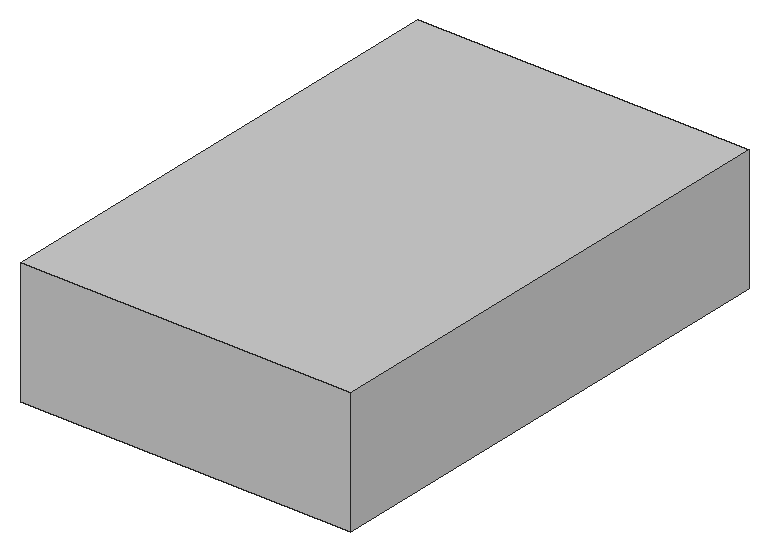
Revit family "Footing-Rectangular", category Structural Foundations, Revit 2021
Family settings
  Material for Model Behavior = Other
  Cap = No
  OmniClass Number = 23.25.05.17
  OmniClass Title = Shallow Foundations
  Work Plane-Based = No
  Always vertical = Yes
  Cut with Voids When Loaded = No
  Shared = No
Parameters (values of type "72" x 48" x 18"")
  Width = 4' - 0"
  Structural Material [instance] = Concrete, Cast-in-Place gray
  Length = 6' - 0"
  Foundation Thickness = 1' - 6"
  Assembly Code = "A1010100"
Types (3): name | Width | Length
  (no name) | 4' - 0" | 6' - 0"
  72" x 48" x 18" | 4' - 0" | 6' - 0"
  96" x 72" x 18" | 6' - 0" | 8' - 0"
Reference planes (in)
  plane 1 "Center (Front/Back)": y = 0
  plane 2: z = 0
  plane 3 "Center (Left/Right)": x = 0
  plane 4: x = -24
  plane 5: x = 24
  plane 6: y = 36
  plane 7: y = -36
Forms (in)
  Extrusion 1, solid, material "Concrete, Cast-in-Place gray" <- "Structural Material"
    sketch origin (0, 0, 0) x (1, 0, 0) y (0, 1, 0)
      loop
        line (-24, 36) -> (-24, -36) -> (24, -36) -> (24, 36) -> (-24, 36)
    from -18 to 0
Dimensions and locks (in)
  "Foundation Thickness": plane 2 to Extrusion 1
  "Width": plane 4 to plane 5
  "Length": plane 6 to plane 7
  equal spacing: plane 6, plane 1 "Center (Front/Back)", plane 7
  equal spacing: plane 4, plane 3 "Center (Left/Right)", plane 5
  aligned and locked: plane 4 to Extrusion 1 sketch curve
  aligned and locked: Extrusion 1 sketch curve to plane 5
  aligned and locked: Extrusion 1 sketch curve to plane 6
  aligned and locked: plane 7 to Extrusion 1 sketch curve
  aligned and locked: level to Extrusion 1
